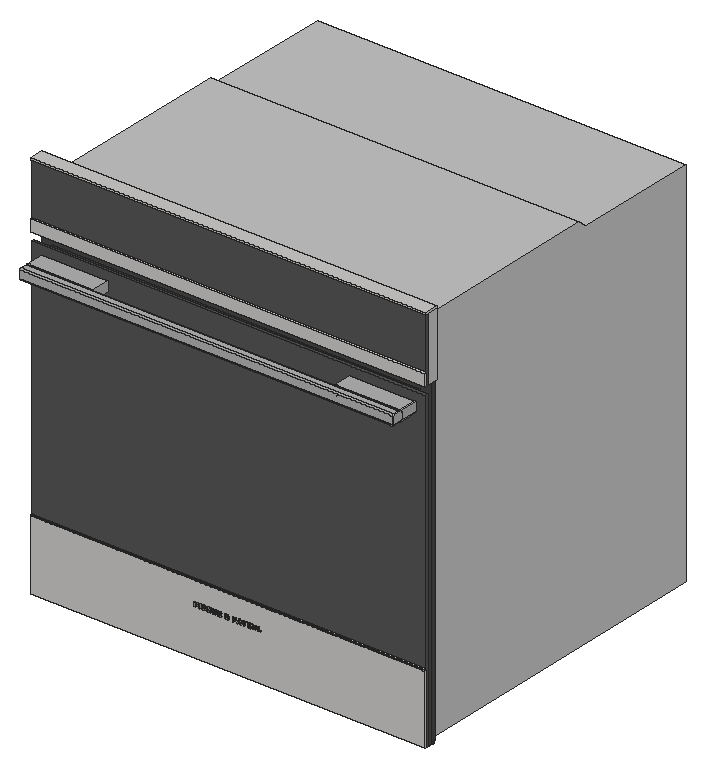
Revit family "FP_Revit_18_OB24SDPTX1_Oven_90000934A", category Specialty Equipment, Revit 2018
Family settings
  Round Connector Dimension = Use Diameter
  Part Type = Normal
  OmniClass Number = 23.40.40.14.17.11
  OmniClass Title = Cookers, Ovens, Stoves
  Work Plane-Based = No
  Always vertical = Yes
  Cut with Voids When Loaded = Yes
  Shared = No
  Room Calculation Point = No
Parameters (values of type "OB24SDPTX1")
  Visibility - Clearance Required = yes
  URL = "www.fisherpaykel.com"
  Product - Width = 596 mm  # constant formula
  Product - Height = 598 mm  # constant formula
  Product - Depth = 565 mm  # constant formula
  Model = "OB24SDPTX1"
  Material - Trim = Fisher & Paykel - Stainless Steel
  Material - Structure = Fisher & Paykel - Black
  Material - Handle = Fisher & Paykel - Aluminium
  Material - Glass = Fisher & Paykel - Glass, Black
  Material - Buttons and Dials = Fisher & Paykel - Black
  Material - Body = Fisher & Paykel - Grey
  Manufacturer = "Fisher & Paykel Appliances"
  FFL Offset [instance] = 200 mm
  Description = "24\" Built-In Oven"
  Connector Note - Electrical = "208 V or 240 V, 16.6 - 19.4 A"
  Chassis - Width = 556 mm  # constant formula
  Chassis - Height = 575 mm  # constant formula
  Chassis - Depth = 545 mm  # constant formula
  Cavity - Width = 600 mm  # constant formula
  Cavity - Height = 600 mm  # constant formula
  Cavity - Depth = 550 mm  # constant formula
Reference planes
  plane 1 "Datum": y = 0
  plane 2: z = 0
  plane 3 "Center (Left/Right)": x = 0
  plane 4 "Cavity": z = 780
  plane 5 "Product Height": z = 798
  plane 6 "Product LHS": x = -298
  plane 7 "Product RHS": x = 298
  plane 8 "Cavity LHS": x = -300
  plane 9 "Cavity RHS": x = 300
  plane 10 "Cavity - Depth": y = 550
  plane 11 "Product Depth": y = 545
  plane 12 "Front Face": y = -20
  plane 13 "Dial": x = 154.861
  plane 14 "FFL Offset": z = 200
  plane 15 "Cavity Height": z = 800
Forms (mm)
  Extrusion 1, solid, material "Fisher & Paykel - Grey" <- "Material - Body"
    sketch origin (0, 0, 0) x (0, 1, 0) y (0, 0, 1)
      loop
        line (0, 200) -> (525, 200) -> (525, 393.99) -> (545, 413.99) -> (545, 609.73) -> (495, 659.73) -> (495, 764.6) -> (307.721, 764.6) -> (293.958, 775) -> (0, 775) -> (0, 200)
    from -278 to 278
  Extrusion 2, void
    sketch origin (0, 0, 0) x (1, 0, 0) y (0, 1, 0)
      loop
        line (-278, 495) -> (-229.13, 495) -> (-179.13, 545) -> (-278, 545) -> (-278, 495)
      loop
        line (278, 495) -> (278, 545) -> (94.617, 545) -> (114.617, 525) -> (199.13, 525) -> (229.13, 495) -> (278, 495)
    from 200 to 764.6
  Extrusion 3, solid, material "Fisher & Paykel - Stainless Steel" <- "Material - Trim"
    sketch origin (0, 0, 0) x (0, 1, 0) y (0, 0, 1)
      loop
        line (0, 798) -> (-20.5, 798) -> (-20.5, 795.1) -> (0, 795.1) -> (0, 798)
    from -298 to 298
  Extrusion 4, solid, material "Fisher & Paykel - Grey" <- "Material - Body"
    sketch origin (0, 0, 0) x (0, 1, 0) y (0, 0, 1)
      loop
        line (-16, 795.1) -> (-16, 698) -> (0, 698) -> (0, 795.1) -> (-16, 795.1)
    from -298 to 298
  Extrusion 5, solid, material "Fisher & Paykel - Glass, Black" <- "Material - Glass"
    sketch origin (0, 0, 0) x (1, 0, 0) y (0, 0, 1)
      loop
        line (-298, 685.2) -> (-298, 208.6) -> (298, 208.6) -> (298, 685.2) -> (-298, 685.2)
      loop
        line (-298, 698) -> (298, 698) -> (298, 794.5) -> (-298, 794.5) -> (-298, 698)
    from 16 to 20
  Extrusion 6, solid, material "Fisher & Paykel - Black" <- "Material - Structure"
    sketch origin (0, 0, 0) x (0, 1, 0) y (0, 0, 1)
      loop
        line (-13.8, 683.7) -> (-16, 683.7) -> (-16, 224.7) -> (-5, 224.7) -> (-5, 680.497) -> (-13.8, 683.7)
    from -277 to 277
  Extrusion 7, solid, material "Fisher & Paykel - Black" <- "Material - Structure"
    sketch origin (0, 0, 0) x (1, 0, 0) y (0, 0, 1)
      loop
        line (-295, 698) -> (-295, 209.536)
        arc (-295, 209.536) -> (-292.207, 202.793) -> (-285.464, 200) r 9.536
        line (-285.464, 200) -> (285.5, 200)
        arc (285.5, 200) -> (292.218, 202.782) -> (295, 209.5) r 9.5
        line (295, 209.5) -> (295, 698) -> (-295, 698)
    from 0 to 5
  Sweep 8, solid, material "Fisher & Paykel - Black"
    path origin (-195.035, 0, 0) x (0, 1, 0) y (0, 0, 1)
      loop
        line (478.272, 708.8) -> (498.6, 708.8)
        arc (498.6, 708.8) -> (507.085, 705.285) -> (510.6, 696.8) r 12
        line (510.6, 696.8) -> (510.6, 678.8)
    profile origin (-195.035, 488.436, 708.8) x (0, 0, 1) y (1, 0, 0)
      loop
        line (0, 11) -> (-11, 11) -> (-11, -11) -> (0, -11)
        arc (0, -11) -> (11, 0) -> (0, 11) r 11
  Extrusion 9, solid, material "Fisher & Paykel - Clearance Required", visible <- "Visibility - Clearance Required", detail levels coarse
    sketch origin (0, 0, 0) x (0, 1, 0) y (0, 0, 1)
      loop
        line (-21.6, 227.528) -> (-21.6, 200) -> (0, 200) -> (0, 800) -> (-21.6, 800) -> (-21.6, 685.18)
        arc (-21.6, 685.18) -> (-333.147, 559.899) -> (-479.9, 257.872) r 466.605
        line (-479.9, 257.872) -> (-465.169, 256.897) -> (-467.944, 214.989) -> (-455.498, 214.164) -> (-452.723, 256.073) -> (-21.6, 227.528)
    from -300 to 300
  Extrusion 10, solid, material "Fisher & Paykel - Clearance Required", visible <- "Visibility - Clearance Required", detail levels coarse
    sketch origin (0, 0, 0) x (1, 0, 0) y (0, 1, 0)
      loop
        line (-280, 0) -> (280, 0) -> (280, 550) -> (-280, 550) -> (-280, 0)
    from 200 to 780
  Extrusion 11, void
    sketch origin (0, 0, 0) x (1, 0, 0) y (0, 1, 0)
      loop
        line (-300, -21.6) -> (300, -21.6) -> (300, 0) -> (-300, 0) -> (-300, -21.6)
    from 200 to 800
  Extrusion 12, solid, material "Fisher & Paykel - Stainless Steel" <- "Material - Trim", detail levels medium+fine
    sketch origin (0, -2000, 0) x (0, 1, 0) y (0, 0, 1)
      loop
        line (1980, 316.326) -> (1978.666, 314.661)
        arc (1978.666, 314.661) -> (1978.468, 314.306) -> (1978.4, 313.905) r 1.209
        line (1978.4, 313.905) -> (1978.4, 208.6) -> (1980, 208.6) -> (1980, 316.326)
    from -298 to 298
  Extrusion 13, solid, material "Fisher & Paykel - Stainless Steel" <- "Material - Trim", detail levels fine
    sketch origin (0, 0, 0) x (0, 1, 0) y (0, 0, 1)
      loop
        line (-21.7, 715.525) -> (-21.7, 698) -> (-20, 698) -> (-20, 717.528) -> (-21.7, 715.525)
    from -298 to 298
  Extrusion 14, void
    sketch origin (0, 0, 0) x (1, 0, 0) y (0, 1, 0)
      loop
        line (-280, 550) -> (-280, 0) -> (280, 0) -> (280, 550) -> (-280, 550)
    from 200 to 780
Cuts and joins
  Extrusion 2 cuts Extrusion 1
Lines and regions (mm)
  model lines, style "Fisher & Paykel"
    curve 1: line (217.5, -20, 334.2) -> (-217.5, -20, 334.2)
    curve 2: line (217.5, -20, 617.436) -> (217.5, -20, 334.2)
    curve 3: line (-217.5, -20, 617.436) -> (217.5, -20, 617.436)
    curve 4: line (-217.5, -20, 334.2) -> (-217.5, -20, 617.436)
Text (mm)
  text "Disclaimer:\nWe endeavor to maintain the accuracy of our 3D content.\nHowever, product details are subject to change without notice.\nPlease refer to the product Data Sheets for the most current product information." at (41.04, -568.295, 0), in view "Ref. Level (Plan)"
Dimensions and locks
  equal spacing: plane 6 "Product LHS", plane 3 "Center (Left/Right)", plane 7 "Product RHS"
  "Product - Width": plane 6 "Product LHS" to plane 7 "Product RHS"
  equal spacing: plane 8 "Cavity LHS", plane 3 "Center (Left/Right)", plane 9 "Cavity RHS"
  "Cavity - Width": plane 8 "Cavity LHS" to plane 9 "Cavity RHS"
  "Cavity - Depth": plane 10 "Cavity - Depth" to plane 1 "Datum"
  "Chassis - Depth": plane 11 "Product Depth" to plane 1 "Datum"
  plane 12 "Front Face" to plane 1 "Datum" = 20 mm
  "Product - Depth": plane 11 "Product Depth" to plane 12 "Front Face"
  "Chassis - Width": cut or joined group of Extrusion 1, Extrusion 2 to cut or joined group of Extrusion 1, Extrusion 2
  "FFL Offset": plane 14 "FFL Offset" to level
  "Product - Height": plane 5 "Product Height" to plane 14 "FFL Offset"
  "Cavity - Height": Extrusion 9 to plane 14 "FFL Offset"
  locked: plane 4 "Cavity" to plane 14 "FFL Offset" at 580
  locked: nested 2 to plane 14 "FFL Offset" at 78.956
  locked: Extrusion 5 to plane 14 "FFL Offset" at 8.6
  locked: Extrusion 6 to plane 14 "FFL Offset" at 24.7
  locked: Extrusion 12 to plane 14 "FFL Offset" at 8.6
  "Cavity - Height": plane 15 "Cavity Height" to plane 14 "FFL Offset"
  locked: cut or joined group of Extrusion 1, Extrusion 2 to plane 14 "FFL Offset" at 564.6
  locked: plane 5 "Product Height" to nested 1 at 125.8
  locked: curve 1 to plane 14 "FFL Offset" at 134.2
  locked: curve 3 to plane 14 "FFL Offset" at 417.436
  aligned and locked: level to plane 2
  aligned and locked: plane 8 "Cavity LHS" to Extrusion 9
  aligned and locked: Extrusion 9 to plane 9 "Cavity RHS"
  aligned and locked: Extrusion 1 sketch curve to plane 14 "FFL Offset"
  aligned and locked: Extrusion 1 to Extrusion 2
  aligned and locked: Extrusion 2 to Extrusion 1
  aligned and locked: plane 14 "FFL Offset" to Extrusion 9 sketch curve
  aligned and locked: plane 14 "FFL Offset" to Extrusion 7 sketch curve
  aligned and locked: Extrusion 14 to cut or joined group of Extrusion 1, Extrusion 2
  aligned and locked: plane 4 "Cavity" to Extrusion 14
  aligned and locked: plane 4 "Cavity" to Extrusion 10
  aligned and locked: Extrusion 10 to cut or joined group of Extrusion 1, Extrusion 2
  aligned and locked: Extrusion 11 to cut or joined group of Extrusion 1, Extrusion 2
  aligned and locked: Extrusion 11 to Extrusion 9
  aligned and locked: plane 15 "Cavity Height" to Extrusion 11
Automatic sketch dimensions
  Extrusion 2 sketch curve to plane 11 "Product Depth" = 0 mm  (x2)
  Extrusion 2 sketch curve to plane 6 "Product LHS" = 20 mm
  Extrusion 2 sketch curve to Extrusion 2 sketch curve = 48.87 mm
  Extrusion 2 sketch curve to Extrusion 2 sketch curve = 50 mm  (x3)
  plane 3 "Center (Left/Right)" to Extrusion 2 sketch curve = 94.617 mm
  Extrusion 2 sketch curve to Extrusion 2 sketch curve = 20 mm
  Extrusion 2 sketch curve to plane 11 "Product Depth" = 20 mm
  Extrusion 2 sketch curve to Extrusion 2 sketch curve = 84.513 mm
  Extrusion 2 sketch curve to Extrusion 2 sketch curve = 30 mm
  plane 7 "Product RHS" to Extrusion 2 sketch curve = 20 mm
  Extrusion 3 sketch curve to plane 1 "Datum" = 0 mm
  Extrusion 3 sketch curve to plane 12 "Front Face" = 0.5 mm
  Extrusion 3 sketch curve to plane 5 "Product Height" = 2.9 mm
  plane 5 "Product Height" to Extrusion 3 sketch curve = 0 mm
  Extrusion 4 sketch curve to plane 1 "Datum" = 0 mm
  plane 12 "Front Face" to Extrusion 4 sketch curve = 4 mm
  Extrusion 4 sketch curve to plane 4 "Cavity" = 82 mm
  Extrusion 4 sketch curve to plane 5 "Product Height" = 2.9 mm
  plane 6 "Product LHS" to Extrusion 5 sketch curve = 0 mm  (x2)
  plane 7 "Product RHS" to Extrusion 5 sketch curve = 0 mm  (x2)
  level to Extrusion 5 sketch curve = 208.6 mm
  Extrusion 5 sketch curve to plane 4 "Cavity" = 94.8 mm
  Extrusion 5 sketch curve to Extrusion 5 sketch curve = 12.8 mm
  Extrusion 5 sketch curve to plane 5 "Product Height" = 3.5 mm
  plane 12 "Front Face" to Extrusion 6 sketch curve = 4 mm
  Extrusion 6 sketch curve to Extrusion 6 sketch curve = 2.2 mm
  plane 1 "Datum" to Extrusion 6 sketch curve = 5 mm
  level to Extrusion 6 sketch curve = 224.7 mm
  Extrusion 6 sketch curve to plane 4 "Cavity" = 99.503 mm
  Extrusion 6 sketch curve to Extrusion 6 sketch curve = 3.203 mm
  plane 7 "Product RHS" to curve 2 = 80.5 mm
  curve 4 to plane 6 "Product LHS" = 80.5 mm
  Sweep 8 sketch curve to plane 11 "Product Depth" = 46.4 mm
  Sweep 8 sketch curve to Sweep 8 sketch curve = 12 mm
  Sweep 8 sketch curve to plane 4 "Cavity" = 83.2 mm
  Sweep 8 sketch curve to Sweep 8 sketch curve = 20.328 mm
  Sweep 8 sketch curve to Sweep 8 sketch curve = 18 mm
  Sweep 8 sketch curve to profile plane = 0 mm  (x2)
  Sweep 8 sketch curve to Sweep 8 sketch curve = 11 mm
  Sweep 8 sketch curve to profile plane = 11 mm
  Extrusion 10 sketch curve to plane 10 "Cavity - Depth" = 0 mm
  plane 1 "Datum" to Extrusion 10 sketch curve = 0 mm
  Extrusion 10 sketch curve to plane 6 "Product LHS" = 18 mm
  plane 7 "Product RHS" to Extrusion 10 sketch curve = 18 mm
  plane 1 "Datum" to Extrusion 11 sketch curve = 0 mm
  Extrusion 11 sketch curve to plane 8 "Cavity LHS" = 0 mm
  Extrusion 11 sketch curve to plane 9 "Cavity RHS" = 0 mm
  Extrusion 11 sketch curve to plane 12 "Front Face" = 1.6 mm
  Extrusion 12 sketch curve to plane 12 "Front Face" = 0 mm
  Extrusion 12 sketch curve to plane 12 "Front Face" = 0.391 mm
  Extrusion 12 sketch curve to Extrusion 12 sketch curve = 0.943 mm
  Extrusion 12 sketch curve to Extrusion 12 sketch curve = 1.6 mm
  level to Extrusion 12 sketch curve = 208.6 mm
  Extrusion 12 sketch curve to Extrusion 12 sketch curve = 105.305 mm
  Extrusion 12 sketch curve to Extrusion 12 sketch curve = 1.664 mm
  Extrusion 13 sketch curve to plane 12 "Front Face" = 0 mm
  Extrusion 13 sketch curve to Extrusion 13 sketch curve = 1.7 mm
  Extrusion 13 sketch curve to plane 4 "Cavity" = 82 mm
  Extrusion 13 sketch curve to Extrusion 13 sketch curve = 17.525 mm
  Extrusion 13 sketch curve to Extrusion 13 sketch curve = 2.002 mm
  plane 1 "Datum" to Extrusion 14 sketch curve = 0 mm
  Extrusion 14 sketch curve to plane 10 "Cavity - Depth" = 0 mm
  Extrusion 14 sketch curve to plane 6 "Product LHS" = 18 mm
  plane 7 "Product RHS" to Extrusion 14 sketch curve = 18 mm
  Extrusion 1 sketch curve to plane 1 "Datum" = 0 mm
  Extrusion 1 sketch curve to plane 11 "Product Depth" = 0 mm
  Extrusion 1 sketch curve to plane 4 "Cavity" = 5 mm
  Extrusion 1 sketch curve to plane 11 "Product Depth" = 251.042 mm
  Extrusion 1 sketch curve to Extrusion 1 sketch curve = 13.762 mm
  Extrusion 1 sketch curve to plane 4 "Cavity" = 15.4 mm
  Extrusion 1 sketch curve to plane 11 "Product Depth" = 50 mm
  Extrusion 1 sketch curve to plane 11 "Product Depth" = 20 mm
  plane 14 "FFL Offset" to Extrusion 1 sketch curve = 193.99 mm
  Extrusion 1 sketch curve to Extrusion 1 sketch curve = 20 mm
  Extrusion 1 sketch curve to Extrusion 1 sketch curve = 154.87 mm
  Extrusion 1 sketch curve to Extrusion 1 sketch curve = 50 mm
  Extrusion 9 sketch curve to plane 1 "Datum" = 0 mm
  plane 12 "Front Face" to Extrusion 9 sketch curve = 5.051 mm
  Extrusion 9 sketch curve to plane 12 "Front Face" = 1.6 mm  (x2)
  plane 14 "FFL Offset" to Extrusion 9 sketch curve = 56.073 mm
  Extrusion 9 sketch curve to Extrusion 9 sketch curve = 431.123 mm
  plane 14 "FFL Offset" to Extrusion 9 sketch curve = 14.164 mm
  Extrusion 9 sketch curve to Extrusion 9 sketch curve = 2.775 mm
  plane 14 "FFL Offset" to Extrusion 9 sketch curve = 56.897 mm
  Extrusion 9 sketch curve to Extrusion 9 sketch curve = 12.446 mm
  plane 14 "FFL Offset" to Extrusion 9 sketch curve = 57.872 mm
  Extrusion 9 sketch curve to Extrusion 9 sketch curve = 8.905 mm
  plane 5 "Product Height" to Extrusion 9 sketch curve = 2 mm
  Extrusion 7 sketch curve to plane 6 "Product LHS" = 3 mm
  plane 14 "FFL Offset" to Extrusion 7 sketch curve = 9.536 mm
  plane 7 "Product RHS" to Extrusion 7 sketch curve = 12.5 mm
  plane 7 "Product RHS" to Extrusion 7 sketch curve = 3 mm
  Extrusion 7 sketch curve to plane 4 "Cavity" = 82 mm
Nested families
  nested 1: "F&P Handle Contemporary Square OB60-24" at (0, -20, 664.222), type "Aluminium"
  nested 2: "F&P Logo 100mm" at (0, -21.6, 278.956), type "Chrome", detail levels fine
Connectors
  electrical at (-195.035, 505.1, 678.8), driven by "Connector Note - Electrical"
    settings: on Sweep 8, index 1, voltage 120 V, apparent load 0 VA, apparent load phase1 0 VA, apparent load phase2 0 VA, apparent load phase3 0 VA, power factor 1, load classification "Other", number of poles 2, system type 30, power factor state 1, is connector primary yes, connector utility no, sub classification motor no, connector description "208 V or 240 V, 16.6 - 19.4 A"
Definition of nested family "F&P Handle Contemporary Square OB60-24"
  Parameters (values of type "Aluminium Dark")
    URL = "www.fisherpaykel.com"
    Material - Handle = none
    Manufacturer = "Fisher & Paykel Appliances"
    Handle - Length = 565 mm
  Types (2): name
    Aluminium
    Aluminium Dark
  Reference planes
    plane 1 "Center (Front/Back)": y = 0
    plane 2: z = 0
    plane 3 "Center (Left/Right)": x = 0
    plane 4 "Product LHS": x = -282.5
    plane 5 "Product RHS": x = 282.5
    plane 6 "LHS Standoff": x = -182.495
    plane 7 "RHS Standoff": x = 182.505
  Forms (mm)
    Extrusion 1, solid, material <- "Material - Handle", detail levels fine
      sketch origin (0, 0, 0) x (0, 1, 0) y (0, 0, 1)
        loop
          arc (-28.701, 7.561) -> (-29.057, 7.868) -> (-29.514, 7.978) r 1
          line (-29.514, 7.978) -> (-40.5, 7.978)
          arc (-40.5, 7.978) -> (-41.561, 7.539) -> (-42, 6.478) r 1.5
          line (-42, 6.478) -> (-42, -6.522)
          arc (-42, -6.522) -> (-41.561, -7.583) -> (-40.5, -8.022) r 1.5
          line (-40.5, -8.022) -> (-29.487, -8.022)
          arc (-29.487, -8.022) -> (-29.029, -7.911) -> (-28.673, -7.602) r 1
          arc (-28.673, -7.602) -> (-26.256, -0.016) -> (-28.701, 7.561) r 13.038
      from -282.5 to 282.5
    Extrusion 2, solid, material <- "Material - Handle", detail levels fine
      sketch origin (0, 0, 0) x (0, 1, 0) y (0, 0, 1)
        loop
          arc (-28.23, 7.062) -> (-26.156, 0.008) -> (-28.198, -7.056) r 13.136
          arc (-28.198, -7.056) -> (-28.21, -7.463) -> (-27.86, -7.67) r 0.4
          line (-27.86, -7.67) -> (0, -7.67) -> (0, 7.678) -> (-27.893, 7.678)
          arc (-27.893, 7.678) -> (-28.244, 7.47) -> (-28.23, 7.062) r 0.4
      from 182.505 to 282.5
    Extrusion 3, solid, material <- "Material - Handle", detail levels fine
      sketch origin (0, 0, 0) x (0, 1, 0) y (0, 0, -1)
        loop
          arc (-28.23, -7.062) -> (-28.244, -7.47) -> (-27.893, -7.678) r 0.4
          line (-27.893, -7.678) -> (0, -7.678) -> (0, 7.67) -> (-27.86, 7.67)
          arc (-27.86, 7.67) -> (-28.21, 7.463) -> (-28.198, 7.056) r 0.4
          arc (-28.198, 7.056) -> (-26.156, -0.008) -> (-28.23, -7.062) r 13.136
      from 182.495 to 282.5
    Sweep 4, void
      path in 3D
        loop
          line (282.5, -29.514, 7.978) -> (282.5, -40.5, 7.978)
          arc (282.5, -40.5, 7.978) -> (282.5, -41.561, 7.539) -> (282.5, -42, 6.478) r 1.5
          line (282.5, -42, 6.478) -> (282.5, -42, -6.522)
          arc (282.5, -42, -6.522) -> (282.5, -41.561, -7.583) -> (282.5, -40.5, -8.022) r 1.5
          line (282.5, -40.5, -8.022) -> (282.5, -29.487, -8.022)
      profile origin (282.5, -35.007, 7.978) x (1, 0, 0) y (0, 0, 1)
        loop
          line (0, 0) -> (-1.3, 0) -> (0, -1.3) -> (0, 0)
    Sweep 5, void
      path in 3D
        loop
          line (-282.5, -29.487, -8.022) -> (-282.5, -40.5, -8.022)
          arc (-282.5, -40.5, -8.022) -> (-282.5, -41.561, -7.583) -> (-282.5, -42, -6.522) r 1.5
          line (-282.5, -42, -6.522) -> (-282.5, -42, 6.478)
          arc (-282.5, -42, 6.478) -> (-282.5, -41.561, 7.539) -> (-282.5, -40.5, 7.978) r 1.5
          line (-282.5, -40.5, 7.978) -> (-282.5, -29.514, 7.978)
      profile origin (-282.5, -35.007, 7.978) x (-1, 0, 0) y (0, 0, 1)
        loop
          line (0, 0) -> (-1.3, 0) -> (0, -1.3) -> (0, 0)
    Extrusion 6, void
      sketch origin (0, 0, 0) x (1, 0, 0) y (0, 0, 1)
        loop
          line (282.5, 7.978) -> (281.2, 7.978) -> (282.5, 6.678) -> (282.5, 7.978)
        loop
          line (282.5, -8.022) -> (282.5, -6.722) -> (281.2, -8.022) -> (282.5, -8.022)
      from 0 to 40
    Extrusion 7, void
      sketch origin (0, 0, 0) x (1, 0, 0) y (0, 0, 1)
        loop
          line (-282.5, 7.978) -> (-282.5, 6.678) -> (-281.2, 7.978) -> (-282.5, 7.978)
        loop
          line (-282.5, -8.022) -> (-281.2, -8.022) -> (-282.5, -6.722) -> (-282.5, -8.022)
      from 0 to 40
    Extrusion 8, solid, material <- "Material - Handle", detail levels coarse+medium
      sketch origin (0, 0, 0) x (1, 0, 0) y (0, 1, 0)
        loop
          line (-282.5, -42) -> (282.5, -42) -> (282.5, 0) -> (182.505, 0) -> (182.505, -26.156) -> (-182.495, -26.156) -> (-182.495, 0) -> (-282.5, 0) -> (-282.5, -42)
      from -8.022 to 7.978
  Cuts and joins
    Sweep 4, Sweep 5, Extrusion 6, Extrusion 7 cuts Extrusion 1
    Extrusion 6 cuts Extrusion 2
    Extrusion 7 cuts Extrusion 3
  Lines and regions (mm)
    sketch lines
      curve 1: line (282.5, -29.514, 7.978) -> (282.5, -40.5, 7.978)
      curve 2: arc (282.5, -42, 6.478) -> (282.5, -41.561, 7.539) -> (282.5, -40.5, 7.978) r 1.5
      curve 3: line (282.5, -42, 6.478) -> (282.5, -42, -6.522)
      curve 4: arc (282.5, -40.5, -8.022) -> (282.5, -41.561, -7.583) -> (282.5, -42, -6.522) r 1.5
      curve 5: line (282.5, -40.5, -8.022) -> (282.5, -29.487, -8.022)
      curve 6: line (-282.5, -40.5, 7.978) -> (-282.5, -29.514, 7.978)
      curve 7: arc (-282.5, -40.5, 7.978) -> (-282.5, -41.561, 7.539) -> (-282.5, -42, 6.478) r 1.5
      curve 8: line (-282.5, -42, -6.522) -> (-282.5, -42, 6.478)
      curve 9: arc (-282.5, -42, -6.522) -> (-282.5, -41.561, -7.583) -> (-282.5, -40.5, -8.022) r 1.5
      curve 10: line (-282.5, -29.487, -8.022) -> (-282.5, -40.5, -8.022)
  Dimensions and locks
    equal spacing: plane 4 "Product LHS", plane 3 "Center (Left/Right)", plane 5 "Product RHS"
    "Handle - Length": plane 4 "Product LHS" to plane 5 "Product RHS"
    locked: plane 4 "Product LHS" to plane 6 "LHS Standoff" at 100.005
    locked: plane 7 "RHS Standoff" to plane 5 "Product RHS" at 99.995
    aligned and locked: level to plane 2
    aligned and locked: Extrusion 1 to plane 5 "Product RHS"
    aligned and locked: plane 4 "Product LHS" to Extrusion 1
    aligned and locked: Extrusion 2 to plane 5 "Product RHS"
    aligned and locked: plane 4 "Product LHS" to Extrusion 3
    aligned and locked: plane 4 "Product LHS" to Extrusion 8 sketch curve
    aligned and locked: Extrusion 8 sketch curve to plane 5 "Product RHS"
    aligned and locked: Extrusion 8 sketch curve to plane 7 "RHS Standoff"
    aligned and locked: plane 6 "LHS Standoff" to Extrusion 8 sketch curve
    aligned and locked: Extrusion 2 to plane 7 "RHS Standoff"
    aligned and locked: plane 6 "LHS Standoff" to Extrusion 3
  Automatic sketch dimensions
    Extrusion 1 sketch curve to level = 6.522 mm
    plane 1 "Center (Front/Back)" to Extrusion 1 sketch curve = 42 mm
    Extrusion 1 sketch curve to Extrusion 1 sketch curve = 1.5 mm  (x2)
    Extrusion 1 sketch curve to level = 0.04 mm
    Extrusion 1 sketch curve to Extrusion 1 sketch curve = 1.206 mm
    level to Extrusion 1 sketch curve = 6.978 mm
    Extrusion 1 sketch curve to Extrusion 1 sketch curve = 10.986 mm
    Extrusion 1 sketch curve to Extrusion 1 sketch curve = 11.013 mm
    Extrusion 1 sketch curve to Extrusion 1 sketch curve = 1 mm
    level to Extrusion 1 sketch curve = 6.478 mm
    Extrusion 1 sketch curve to Extrusion 1 sketch curve = 0 mm
    Extrusion 2 sketch curve to plane 1 "Center (Front/Back)" = 0 mm
    Extrusion 2 sketch curve to level = 7.67 mm
    Extrusion 2 sketch curve to Extrusion 2 sketch curve = 27.86 mm
    level to Extrusion 2 sketch curve = 7.678 mm
    Extrusion 2 sketch curve to Extrusion 2 sketch curve = 0.033 mm
    Extrusion 2 sketch curve to level = 0.022 mm
    Extrusion 2 sketch curve to Extrusion 2 sketch curve = 11.398 mm
    Extrusion 2 sketch curve to Extrusion 2 sketch curve = 0.4 mm  (x2)
    Extrusion 2 sketch curve to Extrusion 2 sketch curve = 0 mm
    Extrusion 3 sketch curve to plane 1 "Center (Front/Back)" = 0 mm
    Extrusion 3 sketch curve to level = 7.67 mm
    Extrusion 3 sketch curve to Extrusion 3 sketch curve = 27.86 mm
    level to Extrusion 3 sketch curve = 7.678 mm
    Extrusion 3 sketch curve to Extrusion 3 sketch curve = 0.033 mm
    Extrusion 3 sketch curve to level = 0.022 mm
    Extrusion 3 sketch curve to Extrusion 3 sketch curve = 11.398 mm
    Extrusion 3 sketch curve to Extrusion 3 sketch curve = 0.4 mm  (x2)
    Extrusion 3 sketch curve to Extrusion 3 sketch curve = 0 mm
    profile plane to Sweep 4 sketch curve = 0 mm
    Sweep 4 sketch curve to profile plane = 0 mm
    Sweep 4 sketch curve to profile plane = 1.3 mm
    profile plane to Sweep 4 sketch curve = 1.3 mm
    Sweep 5 sketch curve to profile plane = 0 mm  (x2)
    profile plane to Sweep 5 sketch curve = 1.3 mm
    Sweep 5 sketch curve to profile plane = 1.3 mm
    plane 5 "Product RHS" to Extrusion 6 sketch curve = 0 mm  (x2)
    Extrusion 6 sketch curve to Extrusion 6 sketch curve = 1.3 mm  (x4)
    Extrusion 6 sketch curve to level = 6.722 mm
    level to Extrusion 6 sketch curve = 6.678 mm
    plane 4 "Product LHS" to Extrusion 7 sketch curve = 0 mm  (x2)
    Extrusion 7 sketch curve to plane 4 "Product LHS" = 1.3 mm  (x2)
    Extrusion 7 sketch curve to level = 8.022 mm
    level to Extrusion 7 sketch curve = 6.678 mm
    Extrusion 7 sketch curve to Extrusion 7 sketch curve = 1.3 mm  (x2)
    plane 1 "Center (Front/Back)" to Extrusion 8 sketch curve = 0 mm  (x2)
    Extrusion 8 sketch curve to Extrusion 8 sketch curve = 26.156 mm
    Extrusion 8 sketch curve to Extrusion 8 sketch curve = 42 mm
Definition of nested family "F&P Logo 100mm"
  Parameters (values of type "Chrome")
    URL = "www.fisherpaykel.com"
    Material - Logo = none
    Manufacturer = "Fisher & Paykel Appliances"
  Types (3): name
    (no name)
    Chrome
    Grey
  Reference planes
    plane 1 "Center (Front/Back)": y = 0
    plane 2: z = 0
    plane 3 "Center (Left/Right)": x = 0
  Forms (mm)
    Extrusion 1, solid, material <- "Material - Logo", detail levels fine
      sketch origin (0, 0, 0) x (1, 0, 0) y (0, 0, 1)
        loop
          line (-50.044, 0) -> (-48.47, 0) -> (-48.47, 2.138) -> (-46.011, 2.138) -> (-46.011, 3.472) -> (-48.47, 3.472) -> (-48.47, 4.712) -> (-45.795, 4.712) -> (-45.795, 6.04) -> (-50.044, 6.04) -> (-50.044, 0)
        loop
          line (-42.804, 6.04) -> (-42.804, 0) -> (-41.23, 0) -> (-41.23, 6.04) -> (-42.804, 6.04)
        loop
          line (-30.724, 6.04) -> (-30.724, 0) -> (-29.151, 0) -> (-29.151, 2.42) -> (-26.839, 2.42) -> (-26.839, 0) -> (-25.265, 0) -> (-25.265, 6.04) -> (-26.839, 6.04) -> (-26.839, 3.748) -> (-29.151, 3.748) -> (-29.151, 6.04) -> (-30.724, 6.04)
        loop
          line (-21.906, 6.04) -> (-21.906, 0) -> (-17.602, 0) -> (-17.602, 1.328) -> (-20.347, 1.328) -> (-20.347, 2.42) -> (-17.838, 2.42) -> (-17.838, 3.748) -> (-20.347, 3.748) -> (-20.347, 4.712) -> (-17.602, 4.712) -> (-17.602, 6.04) -> (-21.906, 6.04)
        loop
          line (45.667, 6.04) -> (45.667, 0) -> (49.956, 0) -> (49.956, 1.328) -> (47.241, 1.328) -> (47.241, 6.04) -> (45.667, 6.04)
        loop
          line (42.431, 6.04) -> (38.112, 6.04) -> (38.112, 0) -> (42.431, 0) -> (42.431, 1.328) -> (39.687, 1.328) -> (39.687, 2.42) -> (42.195, 2.42) -> (42.195, 3.748) -> (39.687, 3.748) -> (39.687, 4.712) -> (42.431, 4.712) -> (42.431, 6.04)
        loop
          line (33.451, 3.148) -> (35.683, 6.04) -> (33.844, 6.04) -> (31.915, 3.542) -> (31.915, 6.04) -> (30.342, 6.04) -> (30.342, 0) -> (31.915, 0) -> (31.915, 2.705) -> (33.903, 0) -> (35.763, 0) -> (33.451, 3.148)
        loop
          line (21.98, 6.04) -> (24.262, 2.42) -> (24.262, 0) -> (25.837, 0) -> (25.837, 2.341) -> (28.119, 6.04) -> (26.446, 6.04) -> (25.099, 3.707) -> (23.753, 6.04) -> (21.98, 6.04)
        loop
          line (18.479, 6.04) -> (16.983, 6.04) -> (14.524, 0) -> (16.069, 0) -> (16.501, 1.112) -> (18.921, 1.112) -> (19.354, 0) -> (20.938, 0) -> (18.479, 6.04)
        loop
          line (18.4, 2.439) -> (17.693, 4.174) -> (17.018, 2.439) -> (18.4, 2.439)
        loop
          line (8.031, 6.04) -> (8.031, 0) -> (9.605, 0) -> (9.605, 1.938) -> (10.599, 1.938)
          arc (10.599, 1.938) -> (12.65, 3.989) -> (10.599, 6.04) r 2.051
          line (10.599, 6.04) -> (8.031, 6.04)
        loop
          line (9.605, 4.712) -> (9.605, 3.197) -> (10.501, 3.197)
          arc (10.501, 3.197) -> (11.259, 3.954) -> (10.501, 4.712) r 0.757
          line (10.501, 4.712) -> (9.605, 4.712)
        loop
          line (-11.783, 6.04) -> (-14.366, 6.04) -> (-14.366, 0) -> (-12.792, 0) -> (-12.792, 1.336) -> (-11.992, 1.336) -> (-10.972, 0) -> (-9.153, 0) -> (-10.694, 1.973)
          arc (-10.694, 1.973) -> (-9.678, 4.424) -> (-11.783, 6.04) r 2.179
        loop
          line (-11.897, 4.712) -> (-12.792, 4.712) -> (-12.792, 3.053) -> (-11.897, 3.053)
          arc (-11.897, 3.053) -> (-11.068, 3.882) -> (-11.897, 4.712) r 0.83
        loop
          line (0.477, 4.712) -> (0.477, 6.153) -> (-3.575, 6.153) -> (-3.575, 4.851) -> (-2.974, 4.112)
          arc (-2.974, 4.112) -> (-3.51, 0.684) -> (-0.045, 0.512) r 2.334
          line (-0.045, 0.512) -> (0.46, -0.109) -> (2.246, -0.109) -> (0.86, 1.594) -> (2.061, 3.324) -> (0.443, 3.324) -> (-0.013, 2.667) -> (-1.677, 4.712) -> (0.477, 4.712)
        loop
          arc (-2.125, 3.068) -> (-2.269, 1.668) -> (-0.868, 1.524) r 0.996
          line (-0.868, 1.524) -> (-2.125, 3.068)
        loop
          line (-35.18, 3.634) -> (-36.516, 3.91)
          arc (-36.516, 3.91) -> (-37.049, 4.443) -> (-36.516, 4.976) r 0.533
          arc (-36.516, 4.976) -> (-35.235, 4.79) -> (-34.059, 4.248) r 4.505
          line (-34.059, 4.248) -> (-34.059, 5.743)
          arc (-34.059, 5.743) -> (-35.549, 6.179) -> (-37.1, 6.109) r 4.726
          arc (-37.1, 6.109) -> (-38.536, 4.335) -> (-37.1, 2.561) r 1.814
          line (-37.1, 2.561) -> (-35.754, 2.282)
          arc (-35.754, 2.282) -> (-35.221, 1.749) -> (-35.754, 1.216) r 0.533
          arc (-35.754, 1.216) -> (-37.035, 1.402) -> (-38.211, 1.945) r 4.505
          line (-38.211, 1.945) -> (-38.211, 0.449)
          arc (-38.211, 0.449) -> (-36.72, 0.013) -> (-35.169, 0.083) r 4.726
          arc (-35.169, 0.083) -> (-33.734, 1.863) -> (-35.18, 3.634) r 1.814
      from 0 to 0.8
  Dimensions and locks
    aligned and locked: level to plane 2
